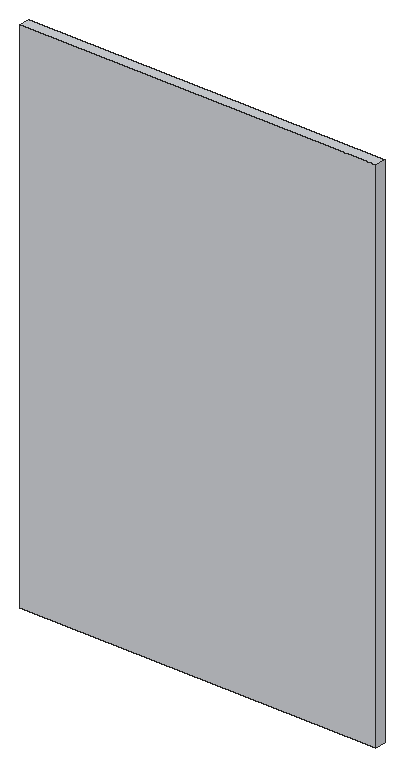
Revit family "CP-DR_1SL_Sliding Door", category Doors, Revit 2021
Family settings
  OmniClass Number = 23.25.20.14.11.11.17
  OmniClass Title = Infill Panels
  Always vertical = Yes
  Cut with Voids When Loaded = No
  Shared = No
  Room Calculation Point = Yes
Parameters (values of type "50_Off-50")
  YN_Handle_Internal = no
  YN_Handle_External = no
  Thickness = 0 mm  # constant formula
  TX_TypeCode = "1SL"
  TX_Host [instance] = ""
  MA_Panel = none
  MA_Handle = none
  MA_Frame = none
  Function = Exterior
  Description = "Porta a un'anta scorrevole."
  Define Thermal Properties by = Schematic Type
  DI_Width_Rough [instance] = 1663.754 mm
  DI_Width_Clear [instance] = DI_Width  # 1663.754 mm
  DI_Width [instance] = DI_Width_Rough - (DI_Frame_Width * 2)  # 1663.754 mm
  DI_Panel_Width [instance] = DI_Width  # 1663.754 mm
  DI_Panel_Thickness = 50 mm
  DI_Panel_OffsetYC = 300 mm + DI_Panel_OffsetY  # 250 mm
  DI_Panel_OffsetY = -50 mm
  DI_Panel_Height [instance] = DI_Height  # 2438.4 mm
  DI_Opening_Projection_OffsetX [instance] = DI_Width  # 1663.754 mm
  DI_Opening_OffsetX = 0 mm
  DI_Height_Rough [instance] = 2438.4 mm
  DI_Height_Clear [instance] = DI_Height  # 2438.4 mm
  DI_Height [instance] = DI_Height_Rough - DI_Frame_Width  # 2438.4 mm
  DI_Handle_OffsetZ = 1000 mm
  DI_Handle_OffsetX = 100 mm
  DI_Frame_Width = 0 mm
  DI_Frame_Thickness = 50 mm
  Analytic Construction = "<None>"
Reference planes
  plane 1 "Front": y = 0
  plane 2: z = 0
  plane 3 "Center (Left/Right)": x = 0
  plane 4 "Left": x = -831.877
  plane 5 "Right": x = 831.877
  plane 6 "Top": z = 2438.4
  plane 7 "Front Panel": y = -50
  plane 8 "Back Panel": y = 0
  plane 9 "MidllePanel": y = -25
  plane 10 "Panel Opening Projection Left": x = -2495.631
  plane 11 "Panel Opening Left": x = -831.877
  plane 12: x = 831.877
  plane 13: x = -831.877
  plane 14 "Oirigin offset": y = -300
Text (mm)
  text "Exterior" at (-1379.057, 797.241, 0), in view "Ref. Level"
  text "Exterior" at (12192, 1055.114, 2275.943), in view "Right"
  text "Exterior" at (-6096, 1468.734, 2687.031), in view "Left"
Dimensions and locks
  equal spacing: plane 4 "Left", plane 3 "Center (Left/Right)", plane 5 "Right"
  "DI_Panel_Thickness": plane 8 "Back Panel" to plane 7 "Front Panel"
  equal spacing: plane 8 "Back Panel", plane 9 "MidllePanel", plane 7 "Front Panel"
  "DI_Width_Rough": plane 4 "Left" to plane 5 "Right"
  "DI_Height_Rough": plane 2 to plane 6 "Top"
  "DI_Opening_Projection_OffsetX": plane 10 "Panel Opening Projection Left" to plane 13
  "DI_Opening_OffsetX": plane 11 "Panel Opening Left" to plane 4 "Left"
  "DI_Frame_Width": plane 12 to plane 5 "Right"
  "DI_Frame_Width": plane 4 "Left" to plane 13
  locked: plane 1 "Front" to plane 14 "Oirigin offset" at 300
  "DI_Panel_OffsetYC": plane 7 "Front Panel" to plane 14 "Oirigin offset"
  aligned and locked: level to plane 2
  aligned and locked: nested 1 to plane 9 "MidllePanel"
  aligned and locked: plane 10 "Panel Opening Projection Left" to nested 2
  aligned and locked: nested 2 to plane 9 "MidllePanel"
  aligned and locked: nested 3 to plane 11 "Panel Opening Left"
  aligned and locked: plane 3 "Center (Left/Right)" to nested 1
  aligned and locked: nested 3 to plane 7 "Front Panel"
  aligned and locked: plane 3 "Center (Left/Right)" to nested 4
  aligned and locked: nested 4 to plane 9 "MidllePanel"
Nested families
  nested 1: "DR.PN_Sliding Panel" at (0, -25, 0), DI_Panel_Thickness <- "DI_Panel_Thickness", DI_Panel_Height <- "DI_Panel_Height", DI_Panel_Width <- "DI_Panel_Width", MA_Panel <- "MA_Panel", type "Sliding"
    with Thickness 0 mm, MA_Panel none, DI_Panel_Width 1663.754 mm, DI_Panel_Thickness 50 mm, DI_Panel_Height 2438.4 mm
  nested 2: "DR.PN_Sliding Panel" at (-1663.754, -25, 0), DI_Panel_Thickness <- "DI_Panel_Thickness", DI_Panel_Width <- "DI_Panel_Width", DI_Panel_Height <- "DI_Panel_Height", type "Sliding_Projection"
    with Thickness 0 mm, MA_Panel none, DI_Panel_Width 1663.754 mm, DI_Panel_Thickness 50 mm, DI_Panel_Height 2438.4 mm
  nested 3: "DR.HA_Handle_FlushPull_Circular_HW" at (-831.877, 20, 0), DI_Panel_Thickness <- "DI_Panel_Thickness", DI_Panel_Height <- "DI_Panel_Height", DI_Panel_Width <- "DI_Panel_Width", MA_Handle <- "MA_Handle", YN_Handle_External <- "YN_Handle_External", YN_Handle_Internal <- "YN_Handle_Internal", DI_Handle_OffsetX <- "DI_Handle_OffsetX", DI_Handle_OffsetZ <- "DI_Handle_OffsetZ", type "Cut"
    with YN_Opening_Pivot no, YN_Handle_Internal no, YN_Handle_External no, MA_Handle none, DI_Panel_Width 1663.754 mm, DI_Panel_Thickness 50 mm, DI_Panel_Offset 0 mm, DI_Panel_Height 2438.4 mm, DI_Handle_OffsetZ 1000 mm, DI_Handle_OffsetX 100 mm
  nested 4: "DR.FR_Generic Frame" at (0, -25, 0), DI_Height <- "DI_Height_Rough", DI_Width <- "DI_Width_Rough", DI_Frame_Thickness <- "DI_Frame_Thickness", DI_Frame_Width <- "DI_Frame_Width", type "0"
    with built-in parameter 1001301 0 mm, Thickness 0 mm, MA_Frame none, built-in parameter 1001300 0 mm, DI_Width 1663.754 mm, DI_Height 2438.4 mm, DI_Frame_Width 0 mm, DI_Frame_Thickness 50 mm
Definition of nested family "DR.PN_Sliding Panel"
  Parameters (values of type "Sliding")
    YN_Swing = yes
    YN_Panel_Projection = no
    YN_Panel = not(YN_Panel_Projection)  # yes
    YN_3D = not(YN_Panel_Projection)  # yes
    Width = 0 mm  # constant formula
    Thickness [instance] = 0 mm  # constant formula
    Rough Width = 0 mm  # constant formula
    Rough Height = 0 mm  # constant formula
    MA_Panel [instance] = none
    Height = 0 mm  # constant formula
    Define Thermal Properties by = 1
    Default Elevation = 0 mm  # constant formula
    DI_Panel_Width [instance] = 900 mm
    DI_Panel_Thickness [instance] = 50 mm
    DI_Panel_Height [instance] = 2100 mm
    Analytic Construction = "<None>"
  Types (2, lengths in mm): name | YN_Swing | YN_Panel_Projection | YN_Panel | YN_3D | DI_Panel_Width | DI_Panel_Height
    Sliding | yes | no | yes | yes | 900 | 2100
    Sliding_Projection | no | yes | no | no | 800 | 1800
  Reference planes
    plane 1 "Center (Front/Back)": y = 0
    plane 2: z = 0
    plane 3 "Center (Left/Right)": x = 0
    plane 4 "Left": x = -450
    plane 5 "Right": x = 450
    plane 6 "FrontPanel": y = -25
    plane 7 "Top": z = 2100
    plane 8: z = 1050
    plane 9 "BackPanel": y = 25
    plane 10 "Arrow1": z = 1107
    plane 11 "Arrow2": z = 993
    plane 12 "Summit Arrow": x = 300
  Forms (mm)
    Extrusion 1, solid, material <- "MA_Panel", visible <- "YN_3D"
      sketch origin (1340, 700, 0) x (1, 0, 0) y (0, 1, 0)
        loop
          line (-1790, -725) -> (-890, -725) -> (-890, -675) -> (-1790, -675) -> (-1790, -725)
      from 0 to 2100
  Lines and regions (mm)
    Masking region 1, visible <- "YN_Panel"
      outline origin (0, 0, 0) x (1, 0, 0) y (0, 1, 0)
        loop
          line (-450, -25) -> (450, -25) -> (450, 25) -> (-450, 25) -> (-450, -25)
    symbolic lines, not visible
      curve 1: line (-450, 25, 0) -> (450, 25, 0)
    symbolic lines, not visible, detail levels medium+fine
      curve 2: line (-450, -25, 0) -> (450, -25, 0)
      curve 3: line (450, -25, 0) -> (450, 25, 0)
    symbolic lines
      curve 4: line (-450, 25, 0) -> (450, 25, 0)
      curve 5: line (-450, -25, 0) -> (-450, 25, 0)
      curve 6: line (450, -25, 0) -> (-450, -25, 0)
      curve 7: line (450, 25, 0) -> (450, -25, 0)
    model lines, visible <- "YN_Swing"
      curve 8: line (0, 25, 1050) -> (300, 25, 1050)
      curve 9: line (0, 25, 1050) -> (81.429, 25, 993)
      curve 10: line (0, 25, 1050) -> (81.429, 25, 1107)
      curve 11: line (0, -25, 1050) -> (300, -25, 1050)
      curve 12: line (0, -25, 1050) -> (81.429, -25, 993)
      curve 13: line (0, -25, 1050) -> (81.429, -25, 1107)
  Dimensions and locks
    "DI_Panel_Width": plane 4 "Left" to plane 5 "Right"
    equal spacing: plane 4 "Left", plane 3 "Center (Left/Right)", plane 5 "Right"
    "DI_Panel_Thickness": plane 6 "FrontPanel" to plane 9 "BackPanel"
    equal spacing: plane 7 "Top", plane 8, plane 2
    equal spacing: plane 6 "FrontPanel", plane 1 "Center (Front/Back)", plane 9 "BackPanel"
    locked: plane 10 "Arrow1" to plane 8 at 57
    locked: plane 8 to plane 11 "Arrow2" at 57
    plane 5 "Right" to plane 12 "Summit Arrow" = 150 mm
    "DI_Panel_Height": plane 7 "Top" to plane 2
    aligned and locked: level to plane 2
    aligned and locked: plane 4 "Left" to Extrusion 1
    aligned and locked: plane 9 "BackPanel" to Extrusion 1
    aligned and locked: plane 5 "Right" to Extrusion 1
    aligned and locked: Extrusion 1 to plane 6 "FrontPanel"
    aligned and locked: plane 7 "Top" to Extrusion 1
    aligned and locked: plane 9 "BackPanel" to Masking region 1 sketch curve
    aligned and locked: Masking region 1 sketch curve to plane 6 "FrontPanel"
    aligned and locked: Masking region 1 sketch curve to plane 4 "Left"
    aligned and locked: plane 5 "Right" to Masking region 1 sketch curve
    aligned and locked: curve 7 to plane 5 "Right"
    aligned and locked: curve 4 to plane 9 "BackPanel"
    aligned and locked: plane 6 "FrontPanel" to curve 6
    aligned and locked: curve 5 to plane 4 "Left"
    aligned and locked: plane 12 "Summit Arrow" to curve 8
    aligned and locked: plane 3 "Center (Left/Right)" to curve 8
    aligned and locked: plane 8 to curve 10
    aligned and locked: plane 8 to curve 8
  Automatic sketch dimensions
    plane 3 "Center (Left/Right)" to curve 12 = 81.429 mm
    plane 3 "Center (Left/Right)" to curve 13 = 81.429 mm
    Extrusion 1 sketch curve to plane 4 "Left" = 0 mm
    Extrusion 1 sketch curve to plane 5 "Right" = 0 mm
    Extrusion 1 sketch curve to plane 6 "FrontPanel" = 0 mm
    Extrusion 1 sketch curve to plane 9 "BackPanel" = 0 mm
    curve 12 to plane 11 "Arrow2" = 0 mm
    curve 9 to plane 11 "Arrow2" = 0 mm
    plane 3 "Center (Left/Right)" to curve 9 = 81.429 mm
    curve 10 to plane 10 "Arrow1" = 0 mm
    plane 3 "Center (Left/Right)" to curve 10 = 81.429 mm
    curve 11 to plane 12 "Summit Arrow" = 0 mm
    curve 12 to plane 3 "Center (Left/Right)" = 0 mm
    curve 13 to plane 10 "Arrow1" = 0 mm
    curve 13 to plane 8 = 0 mm
Definition of nested family "DR.HA_Handle_FlushPull_Circular_HW"
  Parameters (values of type "Cut")
    YN_Opening_Pivot [instance] = yes
    YN_Handle_Internal [instance] = yes
    YN_Handle_External [instance] = yes
    MA_Handle [instance] = none
    Handle = DR.HA_Handle_FlushPull_Circular : Cut
    Define Thermal Properties by = 1
    Default Elevation = 0 mm  # constant formula
    DI_Panel_Width [instance] = 900 mm
    DI_Panel_Thickness [instance] = 40 mm
    DI_Panel_Offset [instance] = if(YN_Opening_Pivot, (DI_Panel_Thickness / 2), 0 mm)  # 20 mm
    DI_Panel_Height [instance] = 2148.093 mm
    DI_Handle_OffsetZ [instance] = 1000 mm
    DI_Handle_OffsetX [instance] = 50 mm
    Analytic Construction = "<None>"
  Types (2, lengths in mm): name | Handle
    Projection | DR.HA_Handle_FlushPull_Circular : Projection
    Cut | DR.HA_Handle_FlushPull_Circular : Cut
  Reference planes
    plane 1 "Panel_Ext": y = 0
    plane 2: z = 0
    plane 3 "Center (Left/Right)": x = 0
    plane 4 "Panel_Int": y = -40
    plane 5: z = 1000
    plane 6: x = 900
    plane 7: x = 850
    plane 8: z = 2148.093
    plane 9 "Origin": y = -20
  Lines and regions (mm)
    symbolic lines, detail levels coarse
      curve 1: line (0, -40, 0) -> (0, 0, 0)
  Dimensions and locks
    "DI_Panel_Thickness": plane 4 "Panel_Int" to plane 1 "Panel_Ext"
    "DI_Handle_OffsetZ": plane 2 to plane 5
    "DI_Panel_Width": plane 6 to plane 3 "Center (Left/Right)"
    "DI_Handle_OffsetX": plane 6 to plane 7
    "DI_Panel_Height": plane 8 to level
    "DI_Panel_Offset": plane 9 "Origin" to plane 1 "Panel_Ext"
    aligned and locked: plane 2 to level
    aligned and locked: plane 7 to nested 2
    aligned and locked: nested 1 to plane 7
    aligned and locked: plane 4 "Panel_Int" to nested 1
    aligned and locked: plane 1 "Panel_Ext" to nested 2
  Automatic sketch dimensions
    plane 1 "Panel_Ext" to curve 1 = 0 mm
    curve 1 to plane 3 "Center (Left/Right)" = 0 mm
    plane 4 "Panel_Int" to curve 1 = 0 mm
  Nested families
    nested 1: "DR.HA_Handle_FlushPull_Circular" at (850, -40, 1000), built-in parameter 1001364 <- "DI_Handle_OffsetZ", visible <- "YN_Handle_Internal", MA_Handle <- "MA_Handle", type <- "Handle", type "Cut"
      with MA_Handle none
    nested 2: "DR.HA_Handle_FlushPull_Circular" at (850, 0, 1000), built-in parameter 1001364 <- "DI_Handle_OffsetZ", visible <- "YN_Handle_External", MA_Handle <- "MA_Handle", type <- "Handle", type "Cut"
      with MA_Handle none
  Definition of nested family "DR.HA_Handle_FlushPull_Circular"
    Parameters (values of type "Cut")
      YN_Graphics_Projection = no
      YN_Graphics_Cut = yes
      YN_3D = yes
      MA_Handle [instance] = none
      Define Thermal Properties by = 1
      Default Elevation = 0 mm  # constant formula
      Analytic Construction = "<None>"
    Types (2, lengths in mm): name | YN_Graphics_Projection | YN_Graphics_Cut | YN_3D
      Cut | no | yes | yes
      Projection | yes | no | no
    Reference planes
      plane 1 "Center (Front/Back)": y = 0
      plane 2: z = 0
      plane 3 "Center (Left/Right)": x = 0
    Forms (mm)
      Extrusion 1, solid, material <- "MA_Handle", visible <- "YN_3D"
        sketch origin (0, 0, 0) x (1, 0, 0) y (0, 0, 1)
          loop
            circle (0, 0) r 25
        from 0 to 3
      Extrusion 2, void
        sketch origin (0, 0, 0) x (1, 0, 0) y (0, 0, 1)
          loop
            circle (0, 0) r 14
        from 1 to 4
    Cuts and joins
      Extrusion 2 cuts Extrusion 1
    Lines and regions (mm)
      Masking region 1, visible <- "YN_Graphics_Cut", detail levels medium+fine
        outline origin (0, 0, 0) x (1, 0, 0) y (0, 1, 0)
          loop
            line (-25, 0) -> (-25, -3) -> (25, -3) -> (25, 0) -> (-25, 0)
    Dimensions and locks
      aligned and locked: plane 2 to level
Definition of nested family "DR.FR_Generic Frame"
  Parameters (values of type "0")
    Width [instance] = 0 mm  # constant formula
    Thickness [instance] = 0 mm  # constant formula
    MA_Frame [instance] = none
    Height [instance] = 0 mm  # constant formula
    Define Thermal Properties by = 1
    Default Elevation = 0 mm
    DI_Width [instance] = 1200 mm
    DI_Height [instance] = 2100 mm
    DI_Frame_Width [instance] = 80 mm
    DI_Frame_Thickness [instance] = 150 mm
    Analytic Construction = "<None>"
  Reference planes
    plane 1 "Center (Front/Back)": y = 0
    plane 2: z = 0
    plane 3 "Center (Left/Right)": x = 0
    plane 4 "Left": x = -600
    plane 5 "Right": x = 600
    plane 6 "FrontFrame": y = -75
    plane 7 "Top": z = 2100
    plane 8: z = 1050
    plane 9: x = -520
    plane 10: x = 520
    plane 11 "BackFrame": y = 75
  Forms (mm)
    Sweep 1, solid, material <- "MA_Frame"
      path origin (0, -75, 0) x (-1, 0, 0) y (0, 0, 1)
        loop
          line (600, 0) -> (600, 2100) -> (-600, 2100) -> (-600, 0)
      profile origin (-600, -75, 1050) x (1, 0, 0) y (0, 1, 0)
        loop
          line (80, 150) -> (0, 150) -> (0, 0) -> (80, 0) -> (80, 150)
  Lines and regions (mm)
    Masking region 1
      outline origin (0, 0, 0) x (1, 0, 0) y (0, 1, 0)
        loop
          line (-600, -75) -> (-520, -75) -> (-520, 75) -> (-600, 75) -> (-600, -75)
    Masking region 2
      outline origin (0, 0, 0) x (1, 0, 0) y (0, 1, 0)
        loop
          line (600, -75) -> (600, 75) -> (520, 75) -> (520, -75) -> (600, -75)
  Dimensions and locks
    "DI_Width": plane 4 "Left" to plane 5 "Right"
    equal spacing: plane 4 "Left", plane 3 "Center (Left/Right)", plane 5 "Right"
    "DI_Frame_Thickness": plane 6 "FrontFrame" to plane 11 "BackFrame"
    "DI_Height": plane 7 "Top" to plane 2
    equal spacing: plane 7 "Top", plane 8, plane 2
    "DI_Frame_Width": plane 4 "Left" to plane 9
    "DI_Frame_Width": plane 10 to plane 5 "Right"
    equal spacing: plane 6 "FrontFrame", plane 1 "Center (Front/Back)", plane 11 "BackFrame"
    aligned and locked: level to plane 2
    aligned and locked: plane 4 "Left" to Sweep 1 sketch curve
    aligned and locked: plane 7 "Top" to Sweep 1 sketch curve
    aligned and locked: Sweep 1 sketch curve to plane 5 "Right"
    aligned and locked: plane 2 to Sweep 1 sketch curve  (x2)
    aligned and locked: Sweep 1 sketch curve to plane 9
    aligned and locked: Sweep 1 sketch curve to plane 6 "FrontFrame"
    aligned and locked: Sweep 1 sketch curve to plane 4 "Left"
    aligned and locked: Masking region 1 sketch curve to plane 4 "Left"
    aligned and locked: Masking region 1 sketch curve to plane 9
    aligned and locked: Masking region 1 sketch curve to plane 6 "FrontFrame"
    aligned and locked: plane 5 "Right" to Masking region 2 sketch curve
    aligned and locked: Masking region 2 sketch curve to plane 10
    aligned and locked: Masking region 2 sketch curve to plane 6 "FrontFrame"
    aligned and locked: plane 11 "BackFrame" to Masking region 1
    aligned and locked: plane 11 "BackFrame" to Masking region 2
    aligned and locked: plane 11 "BackFrame" to Sweep 1 sketch curve
  Automatic sketch dimensions
    Masking region 1 sketch curve to plane 1 "Center (Front/Back)" = 75 mm
    Masking region 2 sketch curve to plane 1 "Center (Front/Back)" = 75 mm
